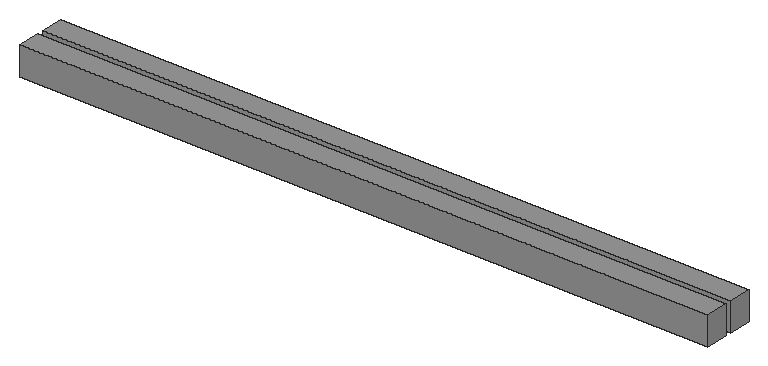
Revit family "Wood Joist", category Structural Framing, Revit 2025
Family settings
  Structural Framing Length Roundoff = 0' - 0"
  Section Shape = Not Defined
  Material for Model Behavior = Wood
  Always export as geometry = No
  OmniClass Number = 23.25.30.11.14.14
  OmniClass Title = Beams
  Always vertical = Yes
  Cut with Voids When Loaded = No
  Symbolic Representation = From Project Settings
  Shared = No
  Show family pre-cut in plan views = Yes
Parameters (values of type "1.5x2")
  Structural Material [instance] = Softwood, Lumber
  A = 13.88 in²
  Assembly Code = "B10"
  Length [instance] = 5' - 0"
  b = 0' - 1 1/2"
  d = 0' - 2"
Types (2): name | A | b | d
  1.5x2 | 13.88 in² | 0' - 1 1/2" | 0' - 2"
  0.5x0.5 | 3.75 in² | 0' - 0 1/2" | 0' - 0 1/2"
Reference planes (in)
  plane 1 "Center (Front/Back)": y = 0
  plane 2: z = 0
  plane 3 "Center (Left/Right)": x = 0.1815
  plane 4 "Member Left": x = -23.8185
  plane 5 "Member Right": x = 24.1815
  plane 6: y = 0.75
  plane 7: y = -0.75
  plane 8: z = 1
  plane 9: z = -1
  plane 10 "Left": x = -29.8185
  plane 11 "Stick Symbol Left": x = -17.8185
  plane 12 "Stick Symbol Right": x = 18.1815
  plane 13 "Right": x = 30.1815
Forms (in)
  Sweep 1, solid, material "Softwood, Lumber" <- "Structural Material", detail levels medium+fine
    path origin (0, 0, 0) x (1, 0, 0) y (0, 1, 0)
      loop
        line (24.1815, 0) -> (-23.8185, 0)
    profile "Rectangular Wood Beam-Profile : Rectangular Wood Beam-Profile" origin (0.1815, 0, 0) x (0, -1, 0) y (0, 0, 1)
      loop
        line (1.75, -1) -> (1.75, 1) -> (0.25, 1) -> (0.25, -1) -> (1.75, -1)
      loop
        line (-1.75, -1) -> (-0.25, -1) -> (-0.25, 1) -> (-1.75, 1) -> (-1.75, -1)
Lines and regions (in)
  symbolic lines, style "Stick Symbols", detail levels coarse
    curve 1: line (0.1815, 1.75, 1) -> (0.1815, 0.25, 1)
    curve 2: line (0.1815, 0.25, -1) -> (0.1815, 1.75, -1)
    curve 3: line (0.1815, 0.25, 1) -> (0.1815, 0.25, -1)
    curve 4: line (0.1815, 1.75, -1) -> (0.1815, 1.75, 1)
Dimensions and locks (in)
  "b": plane 6 to plane 7
  "d": plane 9 to plane 8
  equal spacing: plane 9, plane 2, plane 8
  equal spacing: plane 6, plane 1 "Center (Front/Back)", plane 7
  "Length": plane 10 "Left" to plane 13 "Right"
  aligned and locked: Sweep 1 sketch curve to plane 1 "Center (Front/Back)"
  aligned and locked: curve 1 to Sweep 1
  aligned and locked: curve 2 to Sweep 1
  aligned and locked: curve 3 to Sweep 1
  aligned and locked: curve 4 to Sweep 1
  aligned and locked: plane 4 "Member Left" to Sweep 1 sketch curve
  aligned and locked: plane 5 "Member Right" to Sweep 1 sketch curve
